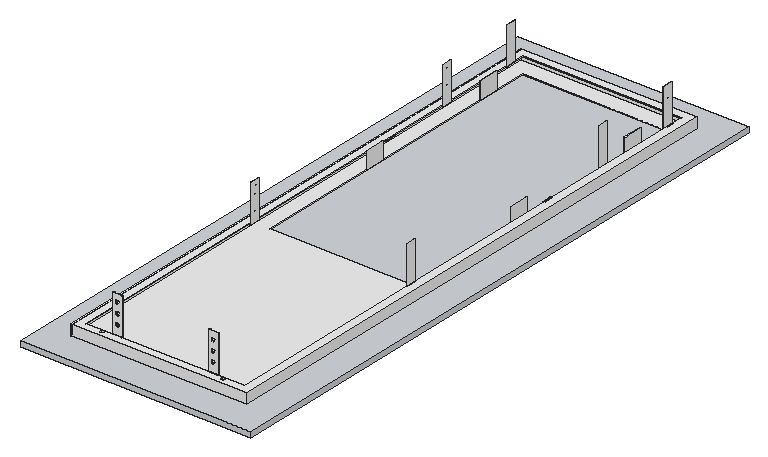
Revit family
Parameters (values of type "40550")
  ecoScorecard = "http://exceldryer.ecoscorecard.com"
  With Optional Recess Kit = yes
  Warranty URL = "http://www.exceldryer.com/pdfs/csispecification9-09.rtf"
  Warranty Duration (Years) = "5 years"  # constant formula
  Unit Width = 17 7/16"  # constant formula
  Unit Height = 56"  # constant formula
  Unit Depth = 1"  # constant formula
  URL = "http://www.exceldryer.com"
  Time Cycle = "Automatic"  # constant formula
  Texture = ""
  Technical Information = "http://www.exceldryer.com/pdfs/XleratorSpecificationSheet.pdf"
  Subcategory = "Hand Dryers"  # constant formula
  Shipping Weight = "11 lbs (5 kg)"  # constant formula
  SMARTBIM URL = "http://www.SMARTBIM.com"
  SMARTBIM Object Version = 3  # constant formula
  SMARTBIM Object Created By = "SMARTBIM, LLC"  # constant formula
  SMARTBIM Contact = "mailto:SMARTBIM@SMARTBIM.com"
  Product Page URL = "http://www.exceldryer.com/products_xlerator.php"
  Optional Recess Kit Width = 17 7/16"  # constant formula
  Optional Recess Kit Weight = "11 lbs. (4.9 kg)"  # constant formula
  Optional Recess Kit Material = "22GA wall box and 16GA dryer mounting plate"  # constant formula
  Optional Recess Kit Height = 56"  # constant formula
  Optional Recess Kit Finish = "304 brushed stainless steel"  # constant formula
  Optional Recess Kit Depth = 3 3/8"  # constant formula
  Optional Recess Kit ADA Protrusion 4" Max = 3 7/8"
  Non ADA Semi Recessed = yes
  Motor = "1 - 2 Amps"  # constant formula
  Model = "40550"
  Manufacturer Toll Free Phone = "800-255-9235"  # constant formula
  Manufacturer Phone = "1-413-525-4531"  # constant formula
  Manufacturer Fax = "1-413-525-2853"  # constant formula
  Manufacturer Email = "mailto:sales@exceldryer.com"
  Manufacturer Address = "357 Chestnut St. P. O. Box 365, East Longmeadow, MA 01028"  # constant formula
  Manufacturer = "Excel Dryer, Inc."  # constant formula
  Maintenance URL = "http://www.exceldryer.com/pdfs/XleratorMasterSpec.pdf"
  Installation URL = "http://www.exceldryer.com/pdfs/XleratorMasterSpec.pdf"
  Impact Resistant = "UL 499"  # constant formula
  Height From Top = 2 1/4"
  Heating Element = "2000 Watts"  # constant formula
  Green Building-LEED = "http://www.exceldryer.com/PressKit/Green.php"
  Fire Rating = ""
  DryTime = "30 - 40 Seconds"  # constant formula
  Drip = 1 195/256"
  Description = "\"Standard XChanger Kit \""
  Default Elevation = 48"
  Cover Material = "Stainless"  # constant formula
  Cover Finish = Brushed
  Cost Savings Analysis = "http://www.exceldryer.com/calculator.php"
  Cost Info = "http://www.exceldryer.com/contact_us.php"
  Color Availability = ""
  Category = "Toilet Accessories"  # constant formula
  Button Finish = Chrome Plated
  Bracket Offset = 6 11/256"
  Assembly Code = "C1030210"
  Air Temperature = "145F"  # constant formula
  ADA Compliance = "http://www.exceldryer.com/PDFs/XleratorRecessedKitSpec.pdf"
  95 CSI = "10811"  # constant formula
  04 CSI = "10 28 13"  # constant formula
Types (3): name | Optional Recess Kit ADA Protrusion 4" Max | Model | Height From Top | Drip | Description | Bracket Offset
  (no name) | 3 7/8" | "40550" | 2 1/4" | 1 195/256" | "\"Standard XChanger Kit \"" | 6 11/256"
  40550 | 3 7/8" | "40550" | 2 1/4" | 1 195/256" | "\"Standard XChanger Kit \"" | 6 11/256"
  40551 | 0" | "40551" | 5 223/256" | 8 13/16" | "ADA Height XChanger Kit" | 13 3/32"
Reference planes (in)
  plane 1 "Center (Front/Back)": y = 0
  plane 2: z = 0
  plane 3 "Center (Left/Right)": x = 0
  plane 4: y = 28
  plane 5: y = -28
  plane 6: x = 8.71875
  plane 7: x = -8.71875
  plane 8: z = 1
Forms (in)
  Extrusion 1, solid
    sketch origin (0, 0, 0) x (1, 0, 0) y (0, 1, 0)
      loop
        line (-11.23505, 30.66507) -> (-11.23505, -31.19378) -> (11.76375, -31.19378) -> (11.76375, 30.66507) -> (-11.23505, 30.66507)
    from 0 to -0.50871
Dimensions and locks (in)
  equal spacing: plane 4, plane 1 "Center (Front/Back)", plane 5
  "Unit Height": plane 4 to plane 5
  equal spacing: plane 7, plane 3 "Center (Left/Right)", plane 6
  "Unit Width": plane 7 to plane 6
  "Unit Depth": plane 8 to Extrusion 1
  aligned and locked: plane 2 to Extrusion 1
  aligned and locked: level to Extrusion 1
  aligned and locked: plane 1 "Center (Front/Back)" to nested 1
  aligned and locked: plane 3 "Center (Left/Right)" to nested 1
Automatic sketch dimensions
  Extrusion 1 sketch curve to Extrusion 1 sketch curve = 22.9988"
  Extrusion 1 sketch curve to Extrusion 1 sketch curve = 61.85884"
Nested families (in)
  nested 1: "XChanger" at (0, 0, 0), type "001"
    with Cover Finish Chrome Plated, Button Finish Chrome Plated
Definition of nested family "XChanger"
  Parameters (values of type "001")
    Width = 17 7/16"
    Drip = 1 195/256"
    Height = 1"
    Depth = 56"
    Cover Finish [instance] = Chrome Plated
    Button Finish [instance] = Chrome Plated
    Bracket Offset = 6.05244"
    Assembly Code = ""
  Reference planes (in)
    plane 1 "Center (Front/Back)": y = 0
    plane 2: z = 0
    plane 3 "Center (Left/Right)": x = 0
    plane 4: x = 8.71875
    plane 5: x = -8.71875
    plane 6: y = -28
    plane 7: y = 28
    plane 8: z = 1
    plane 9: z = 0.5
    plane 10: y = 26.23828
    plane 11: y = -0.25
    plane 12: x = 7.1875
    plane 13: x = -7.1875
    plane 14: z = 0.05
    plane 15: y = 7.82591
    plane 16: y = 21.94756
  Forms (in)
    Extrusion 1, solid, material "Chrome Plated" <- "Cover Finish"
      sketch origin (0, 0, 0) x (1, 0, 0) y (0, 1, 0)
        loop
          line (-7.96875, 27.25) -> (-7.96875, -27.25) -> (7.96875, -27.25) -> (7.96875, 27.25) -> (-7.96875, 27.25)
        loop
          line (-7.1875, -5.23827) -> (7.1875, -5.23827) -> (7.1875, 26.23828) -> (-7.1875, 26.23828) -> (-7.1875, -5.23827)
      from 0 to 0.05
    Sweep 2, solid, material "Chrome Plated" <- "Cover Finish"
      path in 3D
        loop
          line (7.96875, 27.25, 0.05) -> (-7.96875, 27.25, 0.05) -> (-7.96875, -27.25, 0.05) -> (7.96875, -27.25, 0.05) -> (7.96875, 27.25, 0.05)
      profile origin (7.96875, 0, 0.05) x (-1, 0, 0) y (0, 0, 1)
        loop
          line (-0.75, 0.95) -> (-0.75, -0.05) -> (0, -0.05) -> (0, 0) -> (-0.7, 0) -> (-0.7, 0.9) -> (0.075, 0.9) -> (0.075, 0.95) -> (-0.75, 0.95)
    Extrusion 3, solid, material "Chrome Plated" <- "Cover Finish"
      sketch origin (0, 0, 0) x (1, 0, 0) y (0, 0, 1)
        loop
          line (7.89375, 0.98182) -> (7.8, 0.98182) -> (7.76875, 0.98182) -> (7.76875, 0.95)
          arc (7.76875, 0.95) -> (7.82832, 0.92267) -> (7.89375, 0.91875) r 0.17803
          line (7.89375, 0.91875) -> (7.89375, 0.98182)
      from 5.86175 to 6.85951
    Extrusion 4, solid, material "Chrome Plated" <- "Cover Finish"
      sketch origin (0, -0.00014, 0) x (0, 1, 0) y (0, 0, 1)
        loop
          line (-5.86161, 0.95) -> (-5.86161, 4.693) -> (-6.85937, 4.693) -> (-6.85937, 0.95) -> (-5.86161, 0.95)
        loop
          circle (-6.35935, 4.1876) r 0.10744
        loop
          circle (-6.35935, 3.4376) r 0.10744
        loop
          circle (-6.35935, 2.6876) r 0.10744
        loop
          circle (-6.35935, 1.9376) r 0.10744
      from 7.76875 to 7.8
    Extrusion 5, solid, material "Chrome Plated" <- "Cover Finish"
      sketch origin (0, 0, 0) x (1, 0, 0) y (0, 0, 1)
        loop
          line (-5.31264, 4.68252) -> (-5.31264, 0.94788) -> (-4.31487, 0.94788) -> (-4.31487, 4.68252) -> (-5.31264, 4.68252)
        loop
          circle (-4.81238, 3.94291) r 0.18789
        loop
          circle (-4.81238, 2.94291) r 0.18789
        loop
          circle (-4.81238, 1.94291) r 0.18789
      from 27.05184 to 27.08302
    Extrusion 6, solid, material "Chrome Plated" <- "Cover Finish"
      sketch origin (0, 16.89968, 0) x (1, 0, 0) y (0, 0, 1)
        loop
          line (7.89375, 0.98182) -> (7.8, 0.98182) -> (7.76875, 0.98182) -> (7.76875, 0.95)
          arc (7.76875, 0.95) -> (7.82832, 0.92267) -> (7.89375, 0.91875) r 0.17803
          line (7.89375, 0.91875) -> (7.89375, 0.98182)
      from 5.86175 to 6.85951
    Extrusion 7, solid, material "Chrome Plated" <- "Cover Finish"
      sketch origin (0, 16.89954, 0) x (0, 1, 0) y (0, 0, 1)
        loop
          line (1.15013, 0.95) -> (1.15013, 4.693) -> (0.15236, 4.693) -> (0.15236, 0.95) -> (1.15013, 0.95)
        loop
          circle (0.65238, 4.1876) r 0.10744
        loop
          circle (0.65238, 3.4376) r 0.10744
        loop
          circle (0.65238, 2.6876) r 0.10744
        loop
          circle (0.65238, 1.9376) r 0.10744
      from 7.76875 to 7.8
    Extrusion 8, solid, material "Chrome Plated" <- "Cover Finish"
      sketch origin (0, 31.93093, 0) x (1, 0, 0) y (0, 0, 1)
        loop
          line (7.89375, 0.98182) -> (7.8, 0.98182) -> (7.76875, 0.98182) -> (7.76875, 0.95)
          arc (7.76875, 0.95) -> (7.82832, 0.92267) -> (7.89375, 0.91875) r 0.17803
          line (7.89375, 0.91875) -> (7.89375, 0.98182)
      from 5.86175 to 6.85951
    Extrusion 9, solid, material "Chrome Plated" <- "Cover Finish"
      sketch origin (0, 0, 0) x (-1, 0, 0) y (0, 0, -1)
        loop
          line (7.89375, -0.98294) -> (7.89375, -0.91875)
          arc (7.89375, -0.91875) -> (7.82832, -0.92267) -> (7.76875, -0.95) r 0.17803
          line (7.76875, -0.95) -> (7.76875, -0.98294) -> (7.8, -0.98294) -> (7.89375, -0.98294)
      from 5.86175 to 6.85951
    Extrusion 10, solid, material "Chrome Plated" <- "Cover Finish"
      sketch origin (0, -0.00014, 0) x (0, 1, 0) y (0, 0, -1)
        loop
          line (-5.86161, -0.95) -> (-6.85937, -0.95) -> (-6.85937, -4.693) -> (-5.86161, -4.693) -> (-5.86161, -0.95)
        loop
          circle (-6.35935, -4.1876) r 0.10744
        loop
          circle (-6.35935, -3.4376) r 0.10744
        loop
          circle (-6.35935, -2.6876) r 0.10744
        loop
          circle (-6.35935, -1.9376) r 0.10744
      from 7.76875 to 7.8
    Extrusion 11, solid, material "Chrome Plated" <- "Cover Finish"
      sketch origin (0, 16.89968, 0) x (-1, 0, 0) y (0, 0, -1)
        loop
          line (7.89375, -0.98294) -> (7.89375, -0.91875)
          arc (7.89375, -0.91875) -> (7.82832, -0.92267) -> (7.76875, -0.95) r 0.17803
          line (7.76875, -0.95) -> (7.76875, -0.98294) -> (7.8, -0.98294) -> (7.89375, -0.98294)
      from 5.86175 to 6.85951
    Extrusion 12, solid, material "Chrome Plated" <- "Cover Finish"
      sketch origin (0, 16.89954, 0) x (0, 1, 0) y (0, 0, -1)
        loop
          line (1.15013, -0.95) -> (0.15236, -0.95) -> (0.15236, -4.693) -> (1.15013, -4.693) -> (1.15013, -0.95)
        loop
          circle (0.65238, -4.1876) r 0.10744
        loop
          circle (0.65238, -3.4376) r 0.10744
        loop
          circle (0.65238, -2.6876) r 0.10744
        loop
          circle (0.65238, -1.9376) r 0.10744
      from 7.76875 to 7.8
    Extrusion 13, solid, material "Chrome Plated" <- "Cover Finish"
      sketch origin (-0.09375, 0, 0) x (-1, 0, 0) y (0, 0, -1)
        loop
          line (-5.31264, -4.68252) -> (-4.31487, -4.68252) -> (-4.31487, -0.94788) -> (-5.31264, -0.94788) -> (-5.31264, -4.68252)
        loop
          circle (-4.81238, -3.94291) r 0.18789
        loop
          circle (-4.81238, -2.94291) r 0.18789
        loop
          circle (-4.81238, -1.94291) r 0.18789
      from 27.05184 to 27.08302
    Extrusion 14, solid, material "Chrome Plated" <- "Cover Finish"
      sketch origin (-0.09375, 0, 0) x (0, 1, 0) y (0, 0, -1)
        loop
          line (-27.175, -0.9823) -> (-27.05148, -0.9823) -> (-27.05148, -0.94769)
          arc (-27.05148, -0.94769) -> (-27.11053, -0.92141) -> (-27.175, -0.9167) r 0.18784
          line (-27.175, -0.9167) -> (-27.175, -0.9823)
      from -5.31264 to -4.31487
    Extrusion 15, void
      sketch origin (0, 0, 0) x (1, 0, 0) y (0, 1, 0)
        loop
          circle (-6.0624, -27.45198) r 0.183
      from 0.94788 to 1
    Extrusion 16, void
      sketch origin (-0.08594, 0, 0) x (-1, 0, 0) y (0, -1, 0)
        loop
          circle (-6.0624, 27.45198) r 0.183
      from 0.94788 to 1
    Extrusion 17, solid, material "Chrome Plated" <- "Cover Finish"
      sketch origin (-9.62908, 0, 0) x (0, 1, 0) y (0, 0, -1)
        loop
          line (-27.175, -0.9823) -> (-27.05148, -0.9823) -> (-27.05148, -0.94769)
          arc (-27.05148, -0.94769) -> (-27.11053, -0.92141) -> (-27.175, -0.9167) r 0.18784
          line (-27.175, -0.9167) -> (-27.175, -0.9823)
      from -5.3142 to -4.31644
    Extrusion 18, solid, material "Chrome Plated" <- "Cover Finish"
      sketch origin (0, 38.49329, 0) x (0, 1, 0) y (0, 0, 1)
        loop
          line (-12.42411, 0.95) -> (-12.42411, 4.693) -> (-13.42187, 4.693) -> (-13.42187, 0.95) -> (-12.42411, 0.95)
        loop
          circle (-12.92185, 4.1876) r 0.10744
        loop
          circle (-12.92185, 3.4376) r 0.10744
        loop
          circle (-12.92185, 2.6876) r 0.10744
        loop
          circle (-12.92185, 1.9376) r 0.10744
      from 7.76875 to 7.8
    Extrusion 19, solid, material "Chrome Plated" <- "Cover Finish"
      sketch origin (0, 31.93093, 0) x (-1, 0, 0) y (0, 0, -1)
        loop
          line (7.89375, -0.98182) -> (7.89375, -0.91875)
          arc (7.89375, -0.91875) -> (7.82832, -0.92267) -> (7.76875, -0.95) r 0.17803
          line (7.76875, -0.95) -> (7.76875, -0.98182) -> (7.8, -0.98182) -> (7.89375, -0.98182)
      from 5.86175 to 6.85951
    Extrusion 20, solid, material "Chrome Plated" <- "Cover Finish"
      sketch origin (0, 38.49329, 0) x (0, 1, 0) y (0, 0, -1)
        loop
          line (-12.42411, -0.95) -> (-13.42187, -0.95) -> (-13.42187, -4.693) -> (-12.42411, -4.693) -> (-12.42411, -0.95)
        loop
          circle (-12.92185, -4.1876) r 0.10744
        loop
          circle (-12.92185, -3.4376) r 0.10744
        loop
          circle (-12.92185, -2.6876) r 0.10744
        loop
          circle (-12.92185, -1.9376) r 0.10744
      from 7.76875 to 7.8
  Cuts and joins
    joined: Extrusion 6, Extrusion 7
    joined: Extrusion 3, Extrusion 4
    joined: Extrusion 11, Extrusion 12
    joined: Extrusion 9, Extrusion 10
    Extrusion 15, Extrusion 16 cuts Sweep 2
    joined: Extrusion 1, Sweep 2
    joined: Extrusion 8, Extrusion 18
  Lines and regions (in)
    sketch lines
      curve 1: line (7.96875, -27.25, 0.05) -> (7.96875, 27.25, 0.05)
      curve 2: line (7.96875, 27.25, 0.05) -> (-7.96875, 27.25, 0.05)
      curve 3: line (-7.96875, 27.25, 0.05) -> (-7.96875, -27.25, 0.05)
      curve 4: line (-7.96875, -27.25, 0.05) -> (7.96875, -27.25, 0.05)
  Dimensions and locks (in)
    equal spacing: plane 7, plane 1 "Center (Front/Back)", plane 6
    "Depth": plane 7 to plane 6
    equal spacing: plane 5, plane 3 "Center (Left/Right)", plane 4
    "Width": plane 5 to plane 4
    "Height": plane 8 to level
    "Drip": plane 7 to plane 10
    locked: plane 12 to plane 4 at 1.53125
    locked: plane 5 to plane 13 at 1.53125
    plane 14 to level = 0.05"
    plane 10 to plane 1 "Center (Front/Back)" = 26 61/256"
    locked: plane 15 to plane 16 at 14.12165
    "Bracket Offset": plane 7 to plane 16
    aligned and locked: level to plane 2
    aligned and locked: plane 14 to Extrusion 1
    aligned and locked: plane 8 to Extrusion 15
    aligned and locked: Extrusion 1 sketch curve to plane 13
    aligned and locked: Sweep 2 sketch curve to plane 4
    aligned and locked: plane 10 to Extrusion 1 sketch curve
    aligned and locked: Extrusion 19 to cut or joined group of Extrusion 1, Sweep 2, Extrusion 15, Extrusion 16
    aligned and locked: cut or joined group of Extrusion 8, Extrusion 18 to cut or joined group of Extrusion 1, Sweep 2, Extrusion 15, Extrusion 16
    aligned and locked: plane 16 to nested 1
    aligned and locked: nested 1 to cut or joined group of Extrusion 1, Sweep 2, Extrusion 15, Extrusion 16
    aligned and locked: nested 2 to plane 16
    aligned and locked: cut or joined group of Extrusion 1, Sweep 2, Extrusion 15, Extrusion 16 to nested 2
    aligned and locked: nested 3 to plane 15
    aligned and locked: nested 3 to cut or joined group of Extrusion 1, Sweep 2, Extrusion 15, Extrusion 16
    aligned and locked: plane 15 to nested 4
    aligned and locked: cut or joined group of Extrusion 1, Sweep 2, Extrusion 15, Extrusion 16 to nested 4
  Automatic sketch dimensions
    Extrusion 1 sketch curve to plane 12 = 0"
    plane 5 to Extrusion 1 sketch curve = 3/4"
    Extrusion 1 sketch curve to plane 4 = 3/4"
    Extrusion 1 sketch curve to plane 11 = 4 253/256"
    plane 6 to Extrusion 1 sketch curve = 3/4"
    Extrusion 1 sketch curve to plane 7 = 3/4"
    Sweep 2 sketch curve to profile plane = 0"  (x2)
    Sweep 2 sketch curve to Sweep 2 sketch curve = 0.05"  (x2)
    Sweep 2 sketch curve to profile plane = 0.075"
    Sweep 2 sketch curve to profile plane = 0.05"
    profile plane to Sweep 2 sketch curve = 0.9"
    Extrusion 3 sketch curve to plane 8 = 0.05"
    plane 12 to Extrusion 3 sketch curve = 0.58125"
    Extrusion 3 sketch curve to Extrusion 3 sketch curve = 1/32"
    Extrusion 3 sketch curve to Extrusion 3 sketch curve = 0.0715"
    Extrusion 3 sketch curve to plane 8 = 0.01818"
    Extrusion 3 sketch curve to Extrusion 3 sketch curve = 3/32"
    Extrusion 3 sketch curve to Extrusion 3 sketch curve = 0.06307"
    Extrusion 4 sketch curve to plane 8 = 0.05"
    Extrusion 4 sketch curve to plane 11 = 6.60951"
    Extrusion 4 sketch curve to Extrusion 4 sketch curve = 0.50003"  (x2)
    Extrusion 4 sketch curve to Extrusion 4 sketch curve = 0"  (x2)
    Extrusion 4 sketch curve to Extrusion 4 sketch curve = 0.49774"
    plane 8 to Extrusion 4 sketch curve = 0.9376"
    Extrusion 4 sketch curve to Extrusion 4 sketch curve = 3/4"  (x3)
    Extrusion 4 sketch curve to Extrusion 4 sketch curve = 0.5054"
    Extrusion 5 sketch curve to plane 8 = 0.05212"
    Extrusion 5 sketch curve to plane 13 = 1.87486"
    Extrusion 5 sketch curve to Extrusion 5 sketch curve = 0.50026"  (x2)
    Extrusion 5 sketch curve to Extrusion 5 sketch curve = 0"
    Extrusion 5 sketch curve to Extrusion 5 sketch curve = 0.99777"
    plane 8 to Extrusion 5 sketch curve = 0.94291"
    Extrusion 5 sketch curve to Extrusion 5 sketch curve = 1"  (x2)
    Extrusion 5 sketch curve to Extrusion 5 sketch curve = 0.73962"
    Extrusion 6 sketch curve to plane 8 = 0.05"
    plane 12 to Extrusion 6 sketch curve = 0.58125"
    Extrusion 6 sketch curve to Extrusion 6 sketch curve = 1/32"
    Extrusion 6 sketch curve to Extrusion 6 sketch curve = 0.0715"
    Extrusion 6 sketch curve to plane 8 = 0.01818"
    Extrusion 6 sketch curve to Extrusion 6 sketch curve = 3/32"
    Extrusion 6 sketch curve to Extrusion 6 sketch curve = 0.06307"
    Extrusion 7 sketch curve to plane 8 = 0.05"
    Extrusion 7 sketch curve to Extrusion 7 sketch curve = 0.50003"  (x2)
    Extrusion 7 sketch curve to Extrusion 7 sketch curve = 0"  (x2)
    Extrusion 7 sketch curve to Extrusion 7 sketch curve = 0.49774"
    plane 8 to Extrusion 7 sketch curve = 0.9376"
    Extrusion 7 sketch curve to Extrusion 7 sketch curve = 3/4"  (x3)
    Extrusion 7 sketch curve to Extrusion 7 sketch curve = 0.5054"
    Extrusion 8 sketch curve to plane 8 = 0.05"
    plane 12 to Extrusion 8 sketch curve = 0.58125"
    Extrusion 8 sketch curve to Extrusion 8 sketch curve = 1/32"
    Extrusion 8 sketch curve to Extrusion 8 sketch curve = 0.0715"
    Extrusion 8 sketch curve to plane 8 = 0.01818"
    Extrusion 8 sketch curve to Extrusion 8 sketch curve = 3/32"
    Extrusion 8 sketch curve to Extrusion 8 sketch curve = 0.06307"
    plane 8 to Extrusion 9 sketch curve = 0.05"
    Extrusion 9 sketch curve to plane 13 = 0.58125"
    Extrusion 9 sketch curve to Extrusion 9 sketch curve = 1/32"
    Extrusion 9 sketch curve to Extrusion 9 sketch curve = 0.0715"
    plane 8 to Extrusion 9 sketch curve = 0.01706"
    Extrusion 9 sketch curve to Extrusion 9 sketch curve = 3/32"
    Extrusion 9 sketch curve to Extrusion 9 sketch curve = 0.06419"
    Extrusion 10 sketch curve to plane 8 = 0.05"
    Extrusion 10 sketch curve to plane 11 = 6.60951"
    Extrusion 10 sketch curve to Extrusion 10 sketch curve = 0.50003"  (x2)
    Extrusion 10 sketch curve to Extrusion 10 sketch curve = 0"  (x2)
    Extrusion 10 sketch curve to Extrusion 10 sketch curve = 0.49774"
    plane 8 to Extrusion 10 sketch curve = 0.9376"
    Extrusion 10 sketch curve to Extrusion 10 sketch curve = 3/4"  (x3)
    Extrusion 10 sketch curve to Extrusion 10 sketch curve = 0.5054"
    Extrusion 11 sketch curve to plane 8 = 0.05"
    plane 13 to Extrusion 11 sketch curve = 0.58125"
    Extrusion 11 sketch curve to Extrusion 11 sketch curve = 1/32"
    Extrusion 11 sketch curve to Extrusion 11 sketch curve = 0.0715"
    Extrusion 11 sketch curve to plane 8 = 0.01706"
    Extrusion 11 sketch curve to Extrusion 11 sketch curve = 3/32"
    plane 8 to Extrusion 11 sketch curve = 0.09538"
    Extrusion 12 sketch curve to plane 8 = 0.05"
    Extrusion 12 sketch curve to Extrusion 12 sketch curve = 0.50003"  (x2)
    Extrusion 12 sketch curve to Extrusion 12 sketch curve = 0"  (x2)
    Extrusion 12 sketch curve to Extrusion 12 sketch curve = 0.49774"
    plane 8 to Extrusion 12 sketch curve = 0.9376"
    Extrusion 12 sketch curve to Extrusion 12 sketch curve = 3/4"  (x3)
    Extrusion 12 sketch curve to Extrusion 12 sketch curve = 0.5054"
    plane 8 to Extrusion 13 sketch curve = 0.05212"
    plane 12 to Extrusion 13 sketch curve = 1.96861"
    Extrusion 13 sketch curve to Extrusion 13 sketch curve = 0.50026"  (x2)
    Extrusion 13 sketch curve to Extrusion 13 sketch curve = 0"
    Extrusion 13 sketch curve to Extrusion 13 sketch curve = 0.99777"
    Extrusion 13 sketch curve to plane 8 = 0.94291"
    Extrusion 13 sketch curve to Extrusion 13 sketch curve = 1"  (x2)
    Extrusion 13 sketch curve to Extrusion 13 sketch curve = 0.73962"
    Extrusion 14 sketch curve to plane 8 = 0.0833"
    plane 6 to Extrusion 14 sketch curve = 0.825"
    Extrusion 14 sketch curve to Extrusion 14 sketch curve = 0.01875"
    Extrusion 14 sketch curve to plane 8 = 0.0177"
    Extrusion 14 sketch curve to Extrusion 14 sketch curve = 0.12352"
    plane 8 to Extrusion 14 sketch curve = 0.1036"
    plane 6 to Extrusion 15 sketch curve = 0.54802"
    Extrusion 15 sketch curve to plane 13 = 1.1251"
    Extrusion 16 sketch curve to plane 6 = 0.54802"
    plane 12 to Extrusion 16 sketch curve = 1.21103"
    Extrusion 17 sketch curve to plane 8 = 0.0833"
    plane 6 to Extrusion 17 sketch curve = 0.825"
    Extrusion 17 sketch curve to Extrusion 17 sketch curve = 0.01875"
    Extrusion 17 sketch curve to plane 8 = 0.0177"
    Extrusion 17 sketch curve to Extrusion 17 sketch curve = 0.12352"
    plane 8 to Extrusion 17 sketch curve = 0.1036"
    Extrusion 18 sketch curve to plane 8 = 0.05"
    Extrusion 18 sketch curve to plane 10 = 1.16686"
    Extrusion 18 sketch curve to plane 10 = 0.66684"  (x4)
    Extrusion 18 sketch curve to plane 10 = 0.1691"
    plane 8 to Extrusion 18 sketch curve = 0.9376"
    Extrusion 18 sketch curve to Extrusion 18 sketch curve = 3/4"  (x3)
    Extrusion 18 sketch curve to Extrusion 18 sketch curve = 0.5054"
    Extrusion 19 sketch curve to plane 8 = 0.05"
    plane 13 to Extrusion 19 sketch curve = 0.58125"
    Extrusion 19 sketch curve to Extrusion 19 sketch curve = 1/32"
    Extrusion 19 sketch curve to Extrusion 19 sketch curve = 0.0715"
    Extrusion 19 sketch curve to plane 8 = 0.01818"
    Extrusion 19 sketch curve to Extrusion 19 sketch curve = 3/32"
    plane 8 to Extrusion 19 sketch curve = 0.09538"
    Extrusion 20 sketch curve to plane 8 = 0.05"
    Extrusion 20 sketch curve to plane 10 = 1.16686"
    Extrusion 20 sketch curve to plane 10 = 0.66684"  (x4)
    Extrusion 20 sketch curve to plane 10 = 0.1691"
    plane 8 to Extrusion 20 sketch curve = 0.9376"
    Extrusion 20 sketch curve to Extrusion 20 sketch curve = 3/4"  (x3)
    Extrusion 20 sketch curve to Extrusion 20 sketch curve = 0.5054"
    plane 16 to Extrusion 7 sketch curve = 4.89566"
    plane 16 to Extrusion 12 sketch curve = 4.89566"
    radius of Extrusion 4 sketch curve = 0.10744"  (x4)
    radius of Extrusion 5 sketch curve = 0.18789"  (x3)
    radius of Extrusion 7 sketch curve = 0.10744"  (x4)
    radius of Extrusion 10 sketch curve = 0.10744"  (x4)
    radius of Extrusion 12 sketch curve = 0.10744"  (x4)
    radius of Extrusion 13 sketch curve = 0.18789"  (x3)
    radius of Extrusion 15 sketch curve = 0.183"
    radius of Extrusion 16 sketch curve = 0.183"
    radius of Extrusion 18 sketch curve = 0.10744"  (x4)
    radius of Extrusion 20 sketch curve = 0.10744"  (x4)
  Nested families (in)
    nested 1: "Bracket" at (-7.15886, 21.94756, 0), type "Bracket"
    nested 2: "Bracket" at (7.15886, 21.94756, 0) x (-1, 0, 0) z (0, 0, 1), type "Bracket"
    nested 3: "Bracket" at (-7.15886, 7.82591, 0), type "Bracket"
    nested 4: "Bracket" at (7.15886, 7.82591, 0) x (-1, 0, 0) z (0, 0, 1), type "Bracket"
  Definition of nested family "Bracket"
    Parameters (values of type "Bracket")
      Bracket = Chrome Plated
    Reference planes (in)
      plane 1 "Center (Front/Back)": y = 0
      plane 2: z = 0
      plane 3 "Center (Left/Right)": x = 0
    Forms (in)
      Extrusion 1, solid, material "Chrome Plated" <- "Bracket"
        sketch origin (-7.25052, -8.04489, 0) x (0, 1, 0) y (0, 0, 1)
          loop
            line (7.04688, 1.74609) -> (7.04688, 0.04989) -> (9.04241, 0.04989) -> (9.04241, 1.74609) -> (7.04688, 1.74609)
          loop
            circle (8.04489, 1.57123) r 0.0681
        from 7.22188 to 7.27266
    Dimensions and locks (in)
      Extrusion 1 to Extrusion 1 = 1.99554"
      locked: Extrusion 1 to Extrusion 1 at 1.99554
      aligned and locked: level to plane 2
